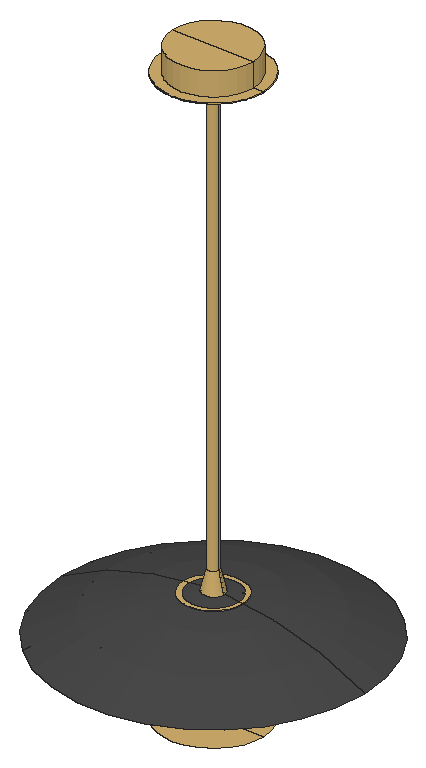
Revit family "3-646-xxxx - Spacely Pendant", category Lighting Fixtures, host Ceiling, Revit 2018
Family settings
  Host = Ceiling
  Round Connector Dimension = Use Diameter
  Part Type = Normal
  OmniClass Number = 23.80.70.11
  OmniClass Title = Luminaries for Internal Lighting
  Always vertical = Yes
  Cut with Voids When Loaded = No
  Light Source = Yes
  Shared = No
  Room Calculation Point = No
Parameters (values of type "3-646-1540 / Black - Aged Brass")
  Wattage Comments = "1 x 12W at 120"  # constant formula
  Wattage = 9.2903 W
  built-in parameter 1150110 = 1 (stored number, unit not read)
  Voltage Input = "120 V or 277 V - 50/60 Hz"  # constant formula
  Voltage = 120 V
  URL = "www.oxygenlighting.com"
  built-in parameter 1114217 = 1 (stored number, unit not read)
  built-in parameter 1150109 = 1 (stored number, unit not read)
  built-in parameter 1150134 = (empty or 0)
  built-in parameter 1150113 = 1 (stored number, unit not read)
  References = "Ref. 3 = 120 V / Ref. 37 = 277 V"  # constant formula
  Pendant Height [instance] = 37.00787"
  Model = "3-646-xxxx / Spacely Pendant"  # constant formula
  Metal Finish 2 = 40 - Aged Brass
  Metal Finish 1 = 15 - Black
  Manufacturer = "Oxygen Lighting and Fans"  # constant formula
  Lumens = 1380 lm
  built-in parameter 1150115 = 1 (stored number, unit not read)
  built-in parameter 1150105 = 109.82 (stored number, unit not read)
  Light Source Symbol Size = 24"
  built-in parameter 1150137 = (empty or 0)
  built-in parameter 1150139 = (empty or 0)
  built-in parameter 1150112 = 1 (stored number, unit not read)
  built-in parameter 1150114 = 1 (stored number, unit not read)
  Lamp = "LED Array"  # constant formula
  built-in parameter 1150132 = 2
  built-in parameter 1150102 = (empty or 0)
  built-in parameter 1150138 = (empty or 0)
  built-in parameter 1150107 = 3000 (stored number, unit not read)
  built-in parameter 1150106 = 1.0982 (stored number, unit not read)
  built-in parameter 1150104 = 13.8 (stored number, unit not read)
  Dimming Lamp Color Temperature Shift = <None>
  Color Filter = 16777215
  built-in parameter 1114218 = 1 (stored number, unit not read)
  built-in parameter 1150133 = 10 (stored number, unit not read)
Reference planes (in)
  plane 1 "Light Source Axis (F/B)": y = 0
  plane 2: z = 0
  plane 3 "Light Source Axis (L/R)": x = 0
  plane 4 "Ceiling": z = 157.48031
  plane 5 "Light Source Elevation": z = 120.47244
  plane 6: z = 129.55217
Forms (in)
  Revolve 1, solid, material "40 - Aged Brass" <- "Metal Finish 2"
    sketch origin (0, 0, 0) x (1, 0, 0) y (0, 0, 1)
      loop
        line (0, 157.48031) -> (0, 129.55217) -> (0.32284, 129.55217) -> (0.32284, 156.03486) -> (3.00831, 156.03486) -> (3.00831, 156.07888) -> (2.40665, 156.07888) -> (2.40665, 157.48031) -> (0, 157.48031)
      axis (0, 129.55217) -> (0, 157.48031)
    angle from 0 to 360
Dimensions and locks (in)
  equal spacing: host sketch curve, plane 3 "Light Source Axis (L/R)", host sketch curve
  equal spacing: host sketch curve, plane 1 "Light Source Axis (F/B)", host sketch curve
  host sketch curve to host sketch curve = 157.48031"  (x2)
  plane 4 "Ceiling" to host ceiling = 0"
  locked: Revolve 1 sketch curve to Revolve 1 sketch curve at 1.44545
  locked: Revolve 1 sketch curve to Revolve 1 sketch curve at 2.40665
  locked: Revolve 1 sketch curve to Revolve 1 sketch curve at 3.00831
  locked: Revolve 1 sketch curve to Revolve 1 sketch curve at 0.04402
  locked: plane 5 "Light Source Elevation" to plane 6 at 9.07972
  "Pendant Height": plane 5 "Light Source Elevation" to plane 4 "Ceiling"
  aligned and locked: plane 3 "Light Source Axis (L/R)" to imposter light
  aligned and locked: plane 1 "Light Source Axis (F/B)" to imposter light
  aligned and locked: plane 5 "Light Source Elevation" to imposter light
  aligned and locked: plane 3 "Light Source Axis (L/R)" to Revolve 1 sketch curve
  aligned and locked: Revolve 1 sketch curve to plane 4 "Ceiling"
  aligned and locked: Revolve 1 sketch curve to Revolve 1 sketch curve
  aligned and locked: plane 3 "Light Source Axis (L/R)" to nested 1
  aligned and locked: plane 1 "Light Source Axis (F/B)" to nested 1
  aligned and locked: plane 6 to Revolve 1
  aligned and locked: nested 1 to plane 6
Automatic sketch dimensions
  Revolve 1 sketch curve to plane 6 = 0"
  plane 3 "Light Source Axis (L/R)" to Revolve 1 sketch curve = 0.32284"
  Revolve 1 sketch curve to level = 14.10347"
  Revolve 1 sketch curve to Revolve 1 sketch curve = 14.25924"
Nested families (in)
  nested 1: "Family2" at (0, 0, 129.55217), type "Family2"
Connectors (in)
  electrical at (0, 0, 157.48031), driven by "Voltage"
    settings: on Revolve 1, index 1, voltage 120 V, apparent load 0 VA, apparent load phase1 0 VA, apparent load phase2 0 VA, apparent load phase3 0 VA, power factor 1, load classification "Other", number of poles 1, system type 31, power factor state 1, is connector primary yes, connector utility no, sub classification motor no, connector description ""
Definition of nested family "Family2"
  Parameters (values of type "Family2")
    Metal Interior = none
    Metal Finish 2 = none
    Metal Finish 1 = none
  Reference planes (in)
    plane 1 "Center (Front/Back)": y = 0
    plane 2: z = 0
    plane 3 "Center (Left/Right)": x = 0
  Forms (in)
    Revolve 1, solid, material <- "Metal Finish 1"
      sketch origin (-61.03873, 0, -131.57218) x (1, 0, 0) y (0, 0, 1)
        loop
          arc (60.4334, 130.35419) -> (56.07875, 129.67431) -> (52.01747, 127.96222) r 18.10202
          line (52.01747, 127.96222) -> (52.09684, 127.96222)
          arc (52.09684, 127.96222) -> (56.122, 129.64564) -> (60.4334, 130.3148) r 18.06265
          line (60.4334, 130.3148) -> (60.4334, 130.35419)
        axis (61.03873, 127.96222) -> (61.03873, 130.35419)
      angle from 0 to 360
    Revolve 2, solid, material <- "Metal Finish 2"
      sketch origin (-61.03873, 0, -131.57218) x (1, 0, 0) y (0, 0, 1)
        loop
          arc (58.03409, 123.58183) -> (59.4809, 122.9734) -> (61.03873, 122.782) r 5.70849
          line (61.03873, 122.782) -> (61.03873, 131.57218) -> (60.71955, 131.57218)
          arc (60.71955, 131.57218) -> (60.59529, 130.93412) -> (60.41859, 130.30855) r 7.83887
          arc (60.41859, 130.30855) -> (59.8517, 130.28128) -> (59.28594, 130.23626) r 18.10202
          arc (59.28594, 130.23626) -> (60.1608, 127.12231) -> (60.66086, 123.92668) r 27.27378
          line (60.66086, 123.92668) -> (60.66086, 123.58183) -> (58.03409, 123.58183)
        axis (61.03873, 122.782) -> (61.03873, 131.57218)
      angle from 0 to 360
    Revolve 3, solid, material <- "Metal Interior"
      sketch origin (0, 0, 0) x (1, 0, 0) y (0, 0, 1)
        loop
          line (-8.94189, -3.60997) -> (-8.86237, -3.60997)
          arc (-8.86237, -3.60997) -> (-4.88155, -1.95306) -> (-0.61896, -1.30299) r 17.78266
          line (-0.61896, -1.30299) -> (-0.61896, -1.2636)
          arc (-0.61896, -1.2636) -> (-4.92489, -1.92434) -> (-8.94189, -3.60997) r 17.82203
        axis (0, -1.2636) -> (0, -3.60997)
      angle from 0 to 360
  Dimensions and locks (in)
    aligned and locked: level to plane 2
